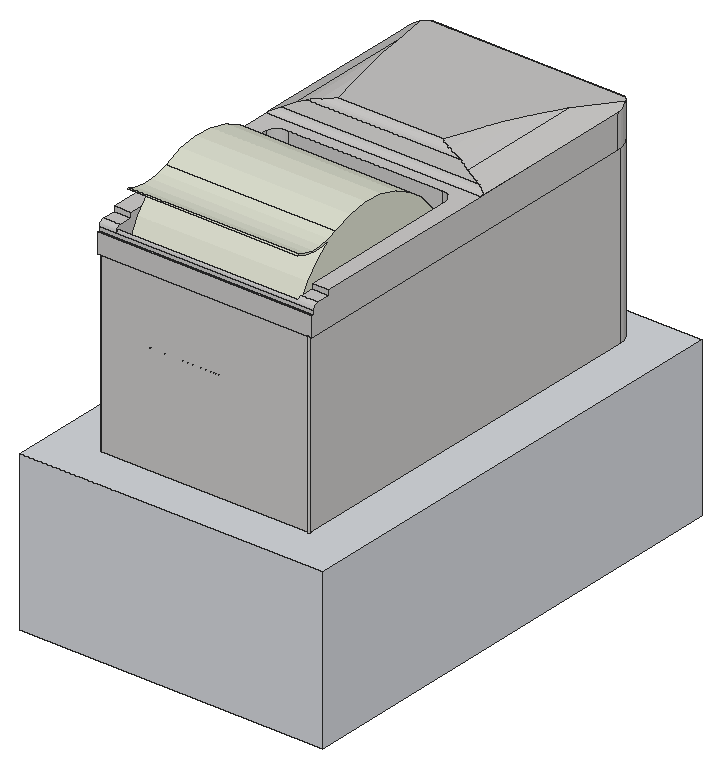
Revit family "Toilet_Tissue_Dispenser-Bradley_Corp-Surface-Diplomat-5A10", category Specialty Equipment, host Face, Revit 2012
Parameters (values of type "5A10")
  Width = 5.563"
  Warranty Information = "Complete Unit 1 Year Warranty. This Warranty does not cover installation or any other labor charges and does not apply to any units which have been damaged by abuse, improper installation, imporper maintanence, or altered in any way."
  Version = "2.0"
  Unit Material = Metal - Bradley Corp - Stainless Steel - Satin
  URL = "http://www.bradleycorp.com/"
  Type Comments = ""
  Technical Data = "n/a"
  Spindle Visibility [instance] = not(Paper Product Visibility)  # no
  Spindle Material = Plastic - Bradley Corp - Polyethylene - Gray
  Specifications URL = "http://www.bradleycorp.com/3partspec"
  Product Tech Data URL - Spanish = ""
  Product Tech Data URL - French = ""
  Product Tech Data URL - English = "https://www.bradleycorp.com/download/2017/9414.pdf"
  Percentage of Recycled Content = 0
  Paper Product Visibility [instance] = yes
  OmniClass Table 23 Title = "Toilet Paper Dispensers"
  OmniClass Table 23 Number = "23-31 25 21"
  OmniClass Table 21 Title = "Toilet, Bath, and Laundry Accessories"
  OmniClass Table 21 Number = "21-03 10 90 40"
  Modeling Code = "n/a"
  Model = "5A10"
  Material Note = "n/a"
  MasterFormat Title = "Commercial Toilet Accessories"
  MasterFormat Number = "10 28 13.13"
  Manufacturer = "Bradley Corporation"
  Low Emitting Material = no
  LEED Credit = ""
  Installation Type = "Surface Mounted"
  Industry Standards = "n/a"
  Height = 10.875"
  Fire Rating = "n/a"
  Description = "Toilet Tissue Dispenser |  Surface Mount"
  Depth = 6.160"
  Default Elevation = 20.000"
  Copyright = "This Model is Property of Bradley Corporation"
  Complies to NAFTA = "n/a"
  Buy American Act = "To Be Determined"
  Assembly Code = "C1030200"
  ADA Compliant = "Yes"
Reference planes (in)
  plane 1 "Center (Front/Back)": y = 0
  plane 2: z = 0
  plane 3 "Center (Left/Right)": x = 0
  plane 4 "Left": x = -2.7815
  plane 5 "Right": x = 2.7815
  plane 6 "Bottom": y = -5.1875
  plane 7 "Front": z = 5.313
  plane 8 "Door Plane": z = 4.80284
  plane 9: z = 6.17039
  plane 10 "Top of Cabinet": y = 5.6875
  plane 11 "center of roll": y = -2.55108
  plane 12 "Left Cover Face": x = -2.8415
  plane 13 "Right Cover Face": x = 2.8415
  plane 14 "TOP FACE-RECESSED": y = 5.6255
  plane 15 "B.O. Door Face": z = 4.667
  plane 16: z = 6.16033
Forms (in)
  Extrusion 1, solid
    sketch origin (0, 0, 0) x (1, 0, 0) y (0, 1, 0)
      loop
        line (-4, 6.25) -> (-4, -6.31106) -> (4.02192, -6.31106) -> (4.02192, 6.25) -> (-4, 6.25)
    from 0 to -4.18525
  Extrusion 2, solid, material "Metal - Bradley Corp - Stainless Steel - Satin" <- "Unit Material", detail levels fine
    sketch origin (0, 0, 0) x (1, 0, 0) y (0, 1, 0)
      loop
        arc (-2.2815, 5.6255) -> (-2.63505, 5.47905) -> (-2.7815, 5.1255) r 0.5
        line (-2.7815, 5.1255) -> (-2.7815, -5.1375)
        arc (-2.7815, -5.1375) -> (-2.76686, -5.17286) -> (-2.7315, -5.1875) r 0.05
        line (-2.7315, -5.1875) -> (2.7315, -5.1875)
        arc (2.7315, -5.1875) -> (2.76686, -5.17286) -> (2.7815, -5.1375) r 0.05
        line (2.7815, -5.1375) -> (2.7815, 5.1255)
        arc (2.7815, 5.1255) -> (2.63505, 5.47905) -> (2.2815, 5.6255) r 0.5
        line (2.2815, 5.6255) -> (-2.2815, 5.6255)
    from 0 to 4.667
  Extrusion 3, void
    sketch origin (0, 0, 0) x (0, 1, 0) y (0, 0, 1)
      loop
        line (5.51143, 4.799) -> (-5.1275, 4.799) -> (-5.1275, 0.105) -> (5.51143, 0.105) -> (5.51143, 4.799)
    from -2.4885 to 2.4865
  Extrusion 4, solid, material "Paper - Bradley Corp- White", visible <- "Paper Product Visibility", detail levels medium+fine
    sketch origin (0.00248, -2.33173, 0.60789) x (0, 1, 0) y (0, 0, 1)
      loop
        circle (-0.21934, 3.46409) r 2.5
    from -2.25 to 2.25
  Extrusion 5, solid, material "Paper - Bradley Corp- White", visible <- "Paper Product Visibility", detail levels medium+fine
    sketch origin (0.00248, -2.65184, 1.69673) x (0, 1, 0) y (0, 0, 1)
      loop
        arc (-1, 4.61988) -> (-1.625, 4.47987) -> (-2.25, 4.61988) r 1.46508
        line (-2.25, 4.61988) -> (-2.26333, 4.59161)
        arc (-2.26333, 4.59161) -> (-1.6194, 4.44864) -> (-0.97655, 4.59643) r 1.49633
        line (-0.97655, 4.59643) -> (-1, 4.61988)
    from -2.25 to 2.25
  Extrusion 6, solid, material "Plastic - Bradley Corp - Polyethylene - Gray" <- "Spindle Material", visible <- "Spindle Visibility", detail levels medium+fine
    sketch origin (0, 0.36945, -0.03502) x (0, 1, 0) y (0, 0, 1)
      loop
        circle (-2.92053, 4.107) r 0.7031
    from -2.2835 to 2.2795
  Extrusion 7, solid, material "Metal - Bradley Corp - Stainless Steel - Satin" <- "Unit Material", detail levels coarse+medium
    sketch origin (0, 0, 4.80284) x (-1, 0, 0) y (0, -1, 0)
      loop
        arc (2.2815, -5.6255) -> (2.63505, -5.47905) -> (2.7815, -5.1255) r 0.5
        line (2.7815, -5.1255) -> (2.7815, 5.1875) -> (-2.7815, 5.1875) -> (-2.7815, -5.1255)
        arc (-2.7815, -5.1255) -> (-2.63505, -5.47905) -> (-2.2815, -5.6255) r 0.5
        line (-2.2815, -5.6255) -> (2.2815, -5.6255)
    from -4.80284 to -0.13584
  Extrusion 8, solid, material "Metal - Bradley Corp - Stainless Steel - Satin"
    sketch origin (0, 0, 0) x (0, 1, 0) y (0, 0, 1)
      loop
        line (-4.6275, 5.542) -> (-4.6275, 5.42) -> (-4.9775, 5.42)
        arc (-4.9775, 5.42) -> (-5.08357, 5.37607) -> (-5.1275, 5.27) r 0.15
        line (-5.1275, 5.27) -> (-5.1275, 5.17) -> (-5.1875, 5.17) -> (-5.1875, 4.667) -> (5.6875, 4.667) -> (5.6875, 5.37561)
        arc (5.6875, 5.37561) -> (5.6408, 5.50646) -> (5.52325, 5.58052) r 0.2126
        arc (5.52325, 5.58052) -> (3.26735, 5.98677) -> (0.98174, 6.16025) r 22.39083
        arc (0.98174, 6.16025) -> (0.83474, 6.11686) -> (0.74068, 5.99583) r 0.25
        line (0.74068, 5.99583) -> (0.62674, 5.68278)
        arc (0.62674, 5.68278) -> (0.54954, 5.58149) -> (0.42846, 5.542) r 0.21399
        line (0.42846, 5.542) -> (-4.6275, 5.542)
    from -2.8415 to 2.8415
  Extrusion 9, void
    sketch origin (0, 0, 0) x (1, 0, 0) y (0, 1, 0)
      loop
        line (-2.3995, -5.0935) -> (2.4095, -5.0935) -> (2.4095, -0.26134)
        arc (2.4095, -0.26134) -> (2.29864, 0.00588) -> (2.0313, 0.11646) r 0.378
        line (2.0313, 0.11646) -> (-2.0317, 0.11646)
        arc (-2.0317, 0.11646) -> (-2.26635, 0.03465) -> (-2.3995, -0.17517) r 0.378
        line (-2.3995, -0.17517) -> (-2.3995, -5.0935)
    from 0.1 to 6.3
  Extrusion 10, void
    sketch origin (0, 0, 0) x (1, 0, 0) y (0, 1, 0)
      loop
        arc (-2.8415, 4.94718) -> (-2.62467, 5.47067) -> (-2.10118, 5.6875) r 0.74032
        line (-2.10118, 5.6875) -> (-2.10118, 5.72672) -> (-2.90906, 5.72672) -> (-2.90906, 4.94718) -> (-2.8415, 4.94718)
    from 4.667 to 5.8
  Extrusion 11, void
    sketch origin (0, 5.6875, 0) x (0, 0, 1) y (1, 0, 0)
      loop
        line (5.55206, -2.8415) -> (6.22342, -2.8415) -> (6.22342, -1.22364) -> (6.17039, -1.22364)
        arc (6.17039, -1.22364) -> (6.0907, -1.76963) -> (5.87717, -2.2784) r 2.19153
        line (5.87717, -2.2784) -> (5.55206, -2.8415)
    from 0 to -5.2
  Extrusion 12, void
    sketch origin (0, 5.6875, 0) x (0, 0, 1) y (1, 0, 0)
      loop
        line (5.55206, 2.8415) -> (5.87717, 2.2784)
        arc (5.87717, 2.2784) -> (6.0907, 1.76963) -> (6.17039, 1.22364) r 2.19153
        line (6.17039, 1.22364) -> (6.22342, 1.22364) -> (6.22342, 2.8415) -> (5.55206, 2.8415)
    from 0 to -5.2
  Extrusion 13, void
    sketch origin (0, 0, 0) x (-1, 0, 0) y (0, -1, 0)
      loop
        line (-2.8415, -4.94718) -> (-2.90906, -4.94718) -> (-2.90906, -5.72672) -> (-2.10118, -5.72672) -> (-2.10118, -5.6875)
        arc (-2.10118, -5.6875) -> (-2.62467, -5.47067) -> (-2.8415, -4.94718) r 0.74032
    from 4.667 to 5.8
Cuts and joins
  Extrusion 3, Extrusion 9, Extrusion 10, Extrusion 13 cuts Extrusion 2
  Extrusion 9, Extrusion 10, Extrusion 13 cuts Extrusion 7
  Extrusion 9, Extrusion 10, Extrusion 11, Extrusion 12, Extrusion 13 cuts Extrusion 8
  joined: Extrusion 4, Extrusion 5
Lines and regions (in)
  Masking region 1
    outline origin (0, 0, 0) x (1, 0, 0) y (0, 0, 1)
      loop
        arc (2.2784, 5.87717) -> (1.85289, 6.06577) -> (1.39714, 6.16025) r 2.19153
        line (1.39714, 6.16025) -> (-1.39714, 6.16025)
        arc (-1.39714, 6.16025) -> (-1.85289, 6.06577) -> (-2.2784, 5.87717) r 2.19153
        line (-2.2784, 5.87717) -> (-2.7165, 5.62423)
        arc (-2.7165, 5.62423) -> (-2.80801, 5.53273) -> (-2.8415, 5.40773) r 0.25
        line (-2.8415, 5.40773) -> (-2.8415, 4.667) -> (-2.7815, 4.667) -> (-2.7815, 0) -> (2.7815, 0) -> (2.7815, 4.667) -> (2.8415, 4.667) -> (2.8415, 5.40773)
        arc (2.8415, 5.40773) -> (2.80801, 5.53273) -> (2.7165, 5.62423) r 0.25
        line (2.7165, 5.62423) -> (2.2784, 5.87717)
  Masking region 2
    outline origin (0, 0, 0) x (0, 1, 0) y (0, 0, 1)
      loop
        line (0.42846, 5.542) -> (-4.6275, 5.542) -> (-4.6275, 5.42) -> (-4.9775, 5.42)
        arc (-4.9775, 5.42) -> (-5.08357, 5.37607) -> (-5.1275, 5.27) r 0.15
        line (-5.1275, 5.27) -> (-5.1275, 5.17) -> (-5.1875, 5.17) -> (-5.1875, 4.667) -> (-5.1875, 0) -> (5.6255, 0) -> (5.6255, 4.667) -> (5.6875, 4.667) -> (5.6875, 5.37561)
        arc (5.6875, 5.37561) -> (5.6408, 5.50646) -> (5.52325, 5.58052) r 0.2126
        arc (5.52325, 5.58052) -> (3.26735, 5.98677) -> (0.98174, 6.16025) r 22.39083
        arc (0.98174, 6.16025) -> (0.83474, 6.11686) -> (0.74068, 5.99583) r 0.25
        line (0.74068, 5.99583) -> (0.62674, 5.68278)
        arc (0.62674, 5.68278) -> (0.54954, 5.58149) -> (0.42846, 5.542) r 0.21399
  Masking region 3, detail levels fine
    outline origin (0, 0, 4.80284) x (-1, 0, 0) y (0, -1, 0)
      loop
        line (2.24752, 0.05108) -> (2.24752, 5.05108) -> (-2.25248, 5.05108) -> (-2.25248, 0.05108) -> (2.24752, 0.05108)
  Masking region 4
    outline origin (0, 0, 4.80284) x (-1, 0, 0) y (0, -1, 0)
      loop
        arc (2.0915, -5.6875) -> (2.62183, -5.46783) -> (2.8415, -4.9375) r 0.75
        line (2.8415, -4.9375) -> (2.8415, 5.1875) -> (-2.8415, 5.1875) -> (-2.8415, -4.9375)
        arc (-2.8415, -4.9375) -> (-2.62183, -5.46783) -> (-2.0915, -5.6875) r 0.75
        line (-2.0915, -5.6875) -> (2.0915, -5.6875)
      loop
        line (2.3995, 5.0935) -> (-2.4095, 5.0935) -> (-2.4095, 0.28354)
        arc (-2.4095, 0.28354) -> (-2.29234, 0.0007) -> (-2.0095, -0.11646) r 0.4
        line (-2.0095, -0.11646) -> (1.9995, -0.11646)
        arc (1.9995, -0.11646) -> (2.28234, 0.0007) -> (2.3995, 0.28354) r 0.4
        line (2.3995, 0.28354) -> (2.3995, 5.0935)
  symbolic lines, detail levels medium+fine
    curve 1: line (1.1797, 0.98174, 4.80284) -> (-1.1797, 0.98174, 4.80284)
    curve 2: arc (-1.1797, 0.98174, 4.80284) -> (-1.73351, 0.95616, 4.80284) -> (-2.2826, 0.87964, 4.80284) r 6.00777
    curve 3: arc (-2.7815, 0.68817, 4.80284) -> (-2.54078, 0.80664, 4.80284) -> (-2.2826, 0.87964, 4.80284) r 1.47766
    curve 4: arc (-2.08511, 5.52325, 4.80284) -> (-1.45626, 3.28804, 4.80284) -> (-1.18673, 0.98174, 4.80284) r 14.7196
    curve 7: arc (2.08511, 5.52325, 4.80284) -> (1.45626, 3.28804, 4.80284) -> (1.18673, 0.98174, 4.80284) r 14.7196
    curve 9: arc (1.1797, 0.98174, 4.80284) -> (1.73351, 0.95616, 4.80284) -> (2.2826, 0.87964, 4.80284) r 6.00777
    curve 10: arc (2.7815, 0.68817, 4.80284) -> (2.54078, 0.80664, 4.80284) -> (2.2826, 0.87964, 4.80284) r 1.47766
    curve 14: line (2.7815, 0, 4.667) -> (-2.7815, 0, 4.667)
  symbolic lines, detail levels fine
    curve 5: arc (-2.7365, 3.74543, 4.80284) -> (-2.42125, 2.32652, 4.80284) -> (-2.2826, 0.87964, 4.80284) r 11.81585
    curve 8: arc (2.7365, 3.74543, 4.80284) -> (2.42125, 2.32652, 4.80284) -> (2.2826, 0.87964, 4.80284) r 11.81585
    curve 11: line (2.25027, 0.62579, 4.80284) -> (-2.25027, 0.62579, 4.80284)
    curve 12: arc (2.25027, 0.62579, 4.80284) -> (2.57405, 0.57526, 4.80284) -> (2.86702, 0.42846, 4.80284) r 1.06246
    curve 13: arc (-2.25027, 0.62579, 4.80284) -> (-2.57405, 0.57526, 4.80284) -> (-2.86702, 0.42846, 4.80284) r 1.06246
    curve 15: line (-2.10118, 0, 5.37561) -> (2.10118, 0, 5.37561)
    curve 16: arc (2.10118, 0, 5.37561) -> (2.47141, 0, 5.37197) -> (2.8415, 0, 5.36108) r 18.87153
    curve 17: arc (-2.10118, 0, 5.37561) -> (-2.47141, 0, 5.37197) -> (-2.8415, 0, 5.36108) r 18.87153
    curve 19: arc (0, -0.52894, 5.542) -> (0, -2.55108, 6.57198) -> (0, -4.57322, 5.542) r 2.5
    curve 20: line (0, 4.95381, 5.55206) -> (0, 0.4875, 5.55206)
    curve 21: spline (0, 4.95381, 5.55206) -> (0, 4.98921, 5.55283) -> (0, 5.02448, 5.55452) -> (0, 5.05952, 5.55715) -> (0, 5.09423, 5.56069) -> (0, 5.12852, 5.56515) -> (0, 5.1623, 5.57051) -> (0, 5.19546, 5.57675) -> (0, 5.22791, 5.58385) -> (0, 5.25957, 5.59181) -> (0, 5.29035, 5.60058) -> (0, 5.32016, 5.61016) -> (0, 5.34891, 5.62052)
  symbolic lines
    curve 6: line (2.86702, 0.42846, 4.80284) -> (-2.86702, 0.42846, 4.80284)
    curve 18: line (0, 5.6255, 4.667) -> (0, -5.1875, 4.667)
  symbolic lines, detail levels medium
    curve 22: line (-2.2835, -1.84798, 4.80284) -> (2.2795, -1.84798, 4.80284)
    curve 23: line (-2.2835, -3.25418, 4.80284) -> (-2.2835, -1.84798, 4.80284)
    curve 24: line (2.2795, -3.25418, 4.80284) -> (-2.2835, -3.25418, 4.80284)
    curve 25: line (2.2795, -1.84798, 4.80284) -> (2.2795, -3.25418, 4.80284)
Dimensions and locks (in)
  "Height": plane 10 "Top of Cabinet" to plane 6 "Bottom"
  equal spacing: plane 5 "Right", plane 3 "Center (Left/Right)", plane 4 "Left"
  "Width": plane 5 "Right" to plane 4 "Left"
  plane 9 to plane 2 = 6.17039"
  plane 4 "Left" to plane 5 "Right" = 5.563"
  aligned and locked: plane 2 to Extrusion 1
  aligned and locked: level to Extrusion 1
Automatic sketch dimensions
  Extrusion 1 sketch curve to Extrusion 1 sketch curve = 8.02192"
  Extrusion 1 sketch curve to Extrusion 1 sketch curve = 12.56106"
  Extrusion 2 sketch curve to plane 4 "Left" = 0.000"
  Extrusion 2 sketch curve to plane 6 "Bottom" = 0.000"
  Extrusion 2 sketch curve to plane 14 "TOP FACE-RECESSED" = 0.000"
  Extrusion 2 sketch curve to plane 5 "Right" = 0.000"
  plane 4 "Left" to Extrusion 2 sketch curve = 0.050"
  Extrusion 2 sketch curve to plane 5 "Right" = 0.050"
  Extrusion 3 sketch curve to plane 8 "Door Plane" = 0.00384"
  plane 6 "Bottom" to Extrusion 3 sketch curve = 0.060"
  plane 14 "TOP FACE-RECESSED" to Extrusion 3 sketch curve = 0.11407"
  level to Extrusion 3 sketch curve = 0.105"
  Extrusion 4 sketch curve to plane 11 "center of roll" = 0.000"
  plane 15 "B.O. Door Face" to Extrusion 4 sketch curve = 0.59502"
  Extrusion 5 sketch curve to Extrusion 5 sketch curve = 0.000"  (x2)
  plane 6 "Bottom" to Extrusion 5 sketch curve = 0.27232"
  Extrusion 5 sketch curve to plane 9 = 0.14621"  (x2)
  Extrusion 5 sketch curve to Extrusion 5 sketch curve = 0.01333"
  plane 6 "Bottom" to Extrusion 5 sketch curve = 0.91066"
  Extrusion 5 sketch curve to plane 9 = 0.12276"
  Extrusion 5 sketch curve to Extrusion 5 sketch curve = 0.02345"
  Extrusion 5 sketch curve to Extrusion 5 sketch curve = 0.02826"
  Extrusion 6 sketch curve to plane 11 "center of roll" = 0.000"
  plane 15 "B.O. Door Face" to Extrusion 6 sketch curve = 0.59502"
  Extrusion 7 sketch curve to plane 5 "Right" = 0.000"
  Extrusion 7 sketch curve to plane 14 "TOP FACE-RECESSED" = 0.000"
  Extrusion 7 sketch curve to plane 4 "Left" = 0.000"
  Extrusion 7 sketch curve to plane 6 "Bottom" = 0.000"
  Extrusion 7 sketch curve to plane 5 "Right" = 0.500"
  plane 4 "Left" to Extrusion 7 sketch curve = 0.500"
  Extrusion 8 sketch curve to plane 6 "Bottom" = 0.000"
  Extrusion 8 sketch curve to plane 10 "Top of Cabinet" = 0.000"
  Extrusion 8 sketch curve to plane 15 "B.O. Door Face" = 0.000"
  plane 6 "Bottom" to Extrusion 8 sketch curve = 0.060"
  plane 7 "Front" to Extrusion 8 sketch curve = 0.107"
  plane 6 "Bottom" to Extrusion 8 sketch curve = 0.210"
  Extrusion 8 sketch curve to Extrusion 8 sketch curve = 0.350"
  Extrusion 8 sketch curve to plane 1 "Center (Front/Back)" = 0.42565"
  Extrusion 8 sketch curve to Extrusion 8 sketch curve = 0.0028"
  Extrusion 8 sketch curve to plane 1 "Center (Front/Back)" = 0.43213"
  Extrusion 8 sketch curve to Extrusion 8 sketch curve = 0.20109"
  Extrusion 8 sketch curve to Extrusion 8 sketch curve = 0.11394"
  Extrusion 8 sketch curve to Extrusion 8 sketch curve = 0.23492"
  plane 9 to Extrusion 8 sketch curve = 0.01014"
  Extrusion 8 sketch curve to Extrusion 8 sketch curve = 0.00614"
  Extrusion 8 sketch curve to Extrusion 8 sketch curve = 0.000"  (x2)
  plane 7 "Front" to Extrusion 8 sketch curve = 0.06049"
  plane 14 "TOP FACE-RECESSED" to Extrusion 8 sketch curve = 0.15059"
  Extrusion 8 sketch curve to Extrusion 8 sketch curve = 0.04834"
  Extrusion 8 sketch curve to Extrusion 8 sketch curve = 0.100"
  plane 7 "Front" to Extrusion 8 sketch curve = 0.229"
  Extrusion 8 sketch curve to Extrusion 8 sketch curve = 0.14078"
  plane 6 "Bottom" to Extrusion 9 sketch curve = 0.094"
  plane 4 "Left" to Extrusion 9 sketch curve = 0.382"
  Extrusion 9 sketch curve to plane 1 "Center (Front/Back)" = 0.11646"
  Extrusion 9 sketch curve to Extrusion 9 sketch curve = 0.3678"
  plane 1 "Center (Front/Back)" to Extrusion 9 sketch curve = 0.26154"  (x2)
  Extrusion 9 sketch curve to Extrusion 9 sketch curve = 0.368"
  Extrusion 9 sketch curve to plane 5 "Right" = 0.7502"
  Extrusion 9 sketch curve to Extrusion 9 sketch curve = 0.0002"
  plane 3 "Center (Left/Right)" to Extrusion 9 sketch curve = 2.4095"
  Extrusion 10 sketch curve to plane 12 "Left Cover Face" = 0.000"
  Extrusion 10 sketch curve to plane 10 "Top of Cabinet" = 0.000"
  Extrusion 10 sketch curve to Extrusion 10 sketch curve = 0.06756"
  plane 4 "Left" to Extrusion 10 sketch curve = 0.68032"
  plane 10 "Top of Cabinet" to Extrusion 10 sketch curve = 0.03922"
  Extrusion 11 sketch curve to plane 12 "Left Cover Face" = 0.000"
  Extrusion 11 sketch curve to plane 9 = 0.000"
  Extrusion 11 sketch curve to plane 9 = 0.29323"
  Extrusion 11 sketch curve to plane 7 "Front" = 0.23906"
  Extrusion 11 sketch curve to plane 15 "B.O. Door Face" = 0.68775"
  plane 9 to Extrusion 11 sketch curve = 0.05303"
  Extrusion 11 sketch curve to plane 4 "Left" = 0.5031"
  Extrusion 11 sketch curve to Extrusion 11 sketch curve = 1.05477"
  Extrusion 12 sketch curve to plane 13 "Right Cover Face" = 0.000"
  Extrusion 12 sketch curve to plane 9 = 0.000"
  plane 9 to Extrusion 12 sketch curve = 0.29323"
  plane 7 "Front" to Extrusion 12 sketch curve = 0.23906"
  plane 15 "B.O. Door Face" to Extrusion 12 sketch curve = 0.68775"
  Extrusion 12 sketch curve to plane 9 = 0.05303"
  Extrusion 12 sketch curve to plane 5 "Right" = 0.5031"
  Extrusion 12 sketch curve to Extrusion 12 sketch curve = 1.05477"
  Extrusion 13 sketch curve to plane 13 "Right Cover Face" = 0.000"
  Extrusion 13 sketch curve to plane 10 "Top of Cabinet" = 0.000"
  Extrusion 13 sketch curve to plane 13 "Right Cover Face" = 0.06756"
  plane 5 "Right" to Extrusion 13 sketch curve = 0.68032"
  Extrusion 13 sketch curve to plane 10 "Top of Cabinet" = 0.03922"
  Extrusion 2 sketch curve to Extrusion 2 sketch curve = 0.500"  (x2)
  Masking region 1 sketch curve to plane 12 "Left Cover Face" = 0.000"
  Masking region 1 sketch curve to plane 4 "Left" = 0.000"
  Masking region 1 sketch curve to level = 0.000"
  Masking region 1 sketch curve to plane 5 "Right" = 0.000"
  Masking region 1 sketch curve to plane 13 "Right Cover Face" = 0.000"
  Masking region 1 sketch curve to plane 15 "B.O. Door Face" = 0.000"  (x2)
  plane 4 "Left" to Masking region 1 sketch curve = 0.065"
  plane 7 "Front" to Masking region 1 sketch curve = 0.09473"  (x2)
  plane 4 "Left" to Masking region 1 sketch curve = 0.190"
  plane 4 "Left" to Masking region 1 sketch curve = 0.5031"
  plane 9 to Masking region 1 sketch curve = 0.01014"
  Masking region 1 sketch curve to Masking region 1 sketch curve = 0.88126"
  Masking region 1 sketch curve to plane 3 "Center (Left/Right)" = 1.18264"
  plane 3 "Center (Left/Right)" to Masking region 1 sketch curve = 1.18264"
  Masking region 1 sketch curve to plane 5 "Right" = 1.38436"
  plane 9 to Masking region 1 sketch curve = 0.29323"
  Masking region 1 sketch curve to Masking region 1 sketch curve = 0.5631"
  Masking region 1 sketch curve to plane 5 "Right" = 0.190"
  Masking region 1 sketch curve to plane 5 "Right" = 0.065"
  plane 15 "B.O. Door Face" to Masking region 1 sketch curve = 0.68775"
  curve 17 to plane 12 "Left Cover Face" = 0.000"
  curve 14 to plane 4 "Left" = 0.000"
  curve 14 to plane 5 "Right" = 0.000"
  curve 16 to plane 13 "Right Cover Face" = 0.000"
  curve 14 to plane 15 "B.O. Door Face" = 0.000"
  plane 4 "Left" to curve 17 = 0.68032"
  plane 7 "Front" to curve 16 = 0.06261"
  curve 16 to plane 5 "Right" = 0.68032"
  curve 16 to level = 13.49593"
  curve 17 to curve 16 = 0.000"
  Masking region 2 sketch curve to plane 14 "TOP FACE-RECESSED" = 0.000"
  Masking region 2 sketch curve to plane 10 "Top of Cabinet" = 0.000"
  Masking region 2 sketch curve to plane 15 "B.O. Door Face" = 0.000"  (x2)
  plane 7 "Front" to Masking region 2 sketch curve = 0.229"
  plane 6 "Bottom" to Masking region 2 sketch curve = 0.560"
  Masking region 2 sketch curve to plane 1 "Center (Front/Back)" = 0.42565"
  Masking region 2 sketch curve to Masking region 2 sketch curve = 0.0028"
  Masking region 2 sketch curve to plane 1 "Center (Front/Back)" = 0.43213"
  Masking region 2 sketch curve to Masking region 2 sketch curve = 0.20109"
  plane 9 to Masking region 2 sketch curve = 0.17456"
  Masking region 2 sketch curve to Masking region 2 sketch curve = 0.11394"
  Masking region 2 sketch curve to Masking region 2 sketch curve = 0.23492"
  plane 9 to Masking region 2 sketch curve = 0.01014"
  Masking region 2 sketch curve to Masking region 2 sketch curve = 0.00614"
  Masking region 2 sketch curve to Masking region 2 sketch curve = 0.000"  (x2)
  plane 7 "Front" to Masking region 2 sketch curve = 0.06049"
  plane 14 "TOP FACE-RECESSED" to Masking region 2 sketch curve = 0.15059"
  Masking region 2 sketch curve to Masking region 2 sketch curve = 0.14078"
  Masking region 2 sketch curve to plane 7 "Front" = 0.143"
  Masking region 2 sketch curve to Masking region 2 sketch curve = 0.060"
  Masking region 2 sketch curve to plane 7 "Front" = 0.043"
  Masking region 2 sketch curve to plane 6 "Bottom" = 0.000"
  plane 7 "Front" to Masking region 2 sketch curve = 0.107"
  Masking region 2 sketch curve to level = 0.000"
  curve 18 to plane 6 "Bottom" = 0.000"
  curve 18 to plane 14 "TOP FACE-RECESSED" = 0.000"
  curve 18 to plane 15 "B.O. Door Face" = 0.000"
  curve 19 to plane 11 "center of roll" = 0.000"
  plane 6 "Bottom" to curve 19 = 0.61428"
  curve 19 to plane 15 "B.O. Door Face" = 0.875"
  plane 7 "Front" to curve 19 = 0.229"
  plane 15 "B.O. Door Face" to curve 19 = 0.59502"
  plane 7 "Front" to curve 20 = 0.23906"
  curve 20 to plane 1 "Center (Front/Back)" = 0.4875"
  plane 14 "TOP FACE-RECESSED" to curve 20 = 0.67169"
  curve 21 to curve 20 = 0.01116"
  plane 14 "TOP FACE-RECESSED" to curve 21 = 0.27659"
  plane 14 "TOP FACE-RECESSED" to curve 21 = 0.01197"
  curve 20 to curve 21 = 0.06845"
  plane 1 "Center (Front/Back)" to Masking region 3 sketch curve = 0.05108"
  Masking region 3 sketch curve to plane 5 "Right" = 0.52902"
  plane 6 "Bottom" to Masking region 3 sketch curve = 0.13642"
  plane 4 "Left" to Masking region 3 sketch curve = 0.53398"
  Masking region 4 sketch curve to plane 13 "Right Cover Face" = 0.000"
  Masking region 4 sketch curve to plane 10 "Top of Cabinet" = 0.000"
  Masking region 4 sketch curve to plane 6 "Bottom" = 0.000"
  Masking region 4 sketch curve to plane 12 "Left Cover Face" = 0.000"
  plane 6 "Bottom" to Masking region 4 sketch curve = 0.094"
  Masking region 4 sketch curve to plane 5 "Right" = 0.372"
  plane 14 "TOP FACE-RECESSED" to Masking region 4 sketch curve = 0.688"  (x2)
  Masking region 4 sketch curve to plane 1 "Center (Front/Back)" = 0.11646"
  Masking region 4 sketch curve to Masking region 4 sketch curve = 0.400"
  plane 1 "Center (Front/Back)" to Masking region 4 sketch curve = 0.28354"
  plane 4 "Left" to Masking region 4 sketch curve = 0.382"
  curve 10 to plane 5 "Right" = 0.000"
  curve 3 to plane 4 "Left" = 0.000"
  plane 13 "Right Cover Face" to curve 12 = 0.02552"
  curve 8 to plane 1 "Center (Front/Back)" = 0.47811"
  curve 8 to curve 6 = 11.22461"
  curve 7 to plane 1 "Center (Front/Back)" = 0.43164"
  curve 7 to curve 8 = 1.80442"
  curve 8 to plane 5 "Right" = 0.045"
  curve 9 to plane 5 "Right" = 0.4989"
  curve 25 to plane 5 "Right" = 0.502"
  curve 8 to curve 12 = 0.03233"
  plane 14 "TOP FACE-RECESSED" to curve 7 = 0.10225"
  curve 7 to plane 5 "Right" = 0.69639"
  curve 12 to curve 10 = 0.23894"
  curve 7 to plane 1 "Center (Front/Back)" = 0.98174"
  curve 7 to curve 9 = 0.00704"
  curve 2 to plane 3 "Center (Left/Right)" = 1.1797"
  curve 2 to curve 4 = 0.00704"
  plane 1 "Center (Front/Back)" to curve 3 = 0.5729"
  plane 4 "Left" to curve 3 = 0.77017"
  plane 14 "TOP FACE-RECESSED" to curve 4 = 0.10225"
  curve 4 to plane 3 "Center (Left/Right)" = 2.08511"
  plane 4 "Left" to curve 13 = 0.53123"
  curve 13 to curve 2 = 0.03233"
  plane 4 "Left" to curve 23 = 0.498"
  plane 4 "Left" to curve 5 = 0.045"
  curve 6 to plane 12 "Left Cover Face" = 0.02552"
  curve 5 to plane 1 "Center (Front/Back)" = 0.47811"
  curve 6 to curve 5 = 11.22461"
  curve 4 to plane 1 "Center (Front/Back)" = 0.43164"
  curve 5 to curve 4 = 1.80442"
  curve 4 to curve 5 = 1.77782"
  curve 7 to curve 8 = 1.77782"
  curve 2 to curve 13 = 0.25385"
  curve 10 to curve 6 = 0.25971"
  plane 11 "center of roll" to curve 23 = 0.7031"
  curve 23 to plane 11 "center of roll" = 0.7031"
  radius of Extrusion 4 sketch curve = 2.500"
  radius of Extrusion 6 sketch curve = 0.7031"
